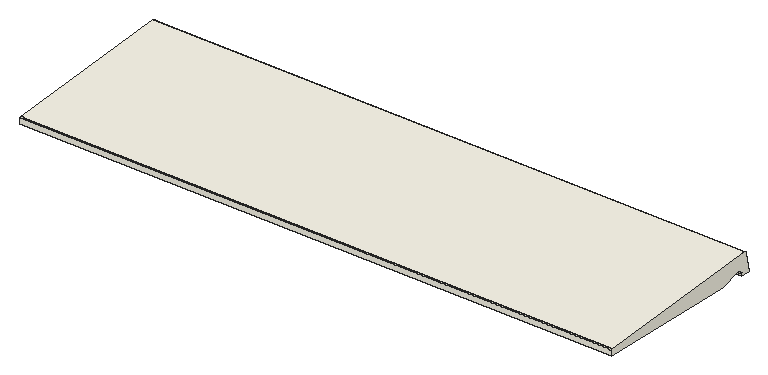
Revit family "Vierteaguas T.C-1", category Modelos genéricos, Revit 2020
Family settings
  Puede alojar armadura = No
  Cota de conector redondo = Diámetro de uso
  Tipo de pieza = Normal
  Se basa en plano de trabajo = No
  Siempre vertical = No
  Corte con vacíos al cargar = No
  Compartido = No
  Punto de cálculo de habitación = No
Parameters (values of type "T31")
  Descripción = "Pieza de hormigón polímero con anclajes de acero inoxidable"
  Ancho doble = Ancho / 4  # 77.5 mm
  Visible una linea = if(Ancho > 300 mm, 2 = 3, 2 = 2)  # no
  Visible dos líneas = if(Ancho > 300 mm, 2 = 2, 2 = 3)  # yes
  URL = "https://www.ulmaarchitectural.com/es-es"
  Nº filas anclajes [instance] = if(Longitud > 2600 mm, 6, if(Longitud < 660 mm, 2, Longitud / Dist. entre anclajes))  # 3
  Modelo = "Vierteaguas T31"
  Material = Hormigón polímero STONEO. Color C-1
  Longitud real [instance] = if(Longitud > 2600 mm, 2600 mm, if(Longitud < 500 mm, 500 mm, Longitud))  # 1200 mm
  Longitud [instance] = 1200 mm
  Fabricante = "ULMA Architectural Solutions"
  Elevación por defecto = 0 mm
  Dist. entre anclajes [instance] = if(Longitud < 650 mm, 340 mm, 440 mm)  # 440 mm
  Dist primer anclaje [instance] = if(Longitud < 700 mm, 80 mm, 150 mm)  # 150 mm
  Código de montaje = "T31"
  Ancho total = Ancho + 35 mm  # 345 mm
  Ancho = 310 mm
Types (9, lengths in mm): name | Ancho doble | Visible una linea | Visible dos líneas | Modelo | Código de montaje | Ancho total | Ancho
  (no name) | 77.5 | no | yes | "Vierteaguas T31" | "T31" | 345 | 310
  T20 | 50 | yes | no | "Vierteaguas T20" | "T20" | 235 | 200
  T22 | 55 | yes | no | "Vierteaguas T22" | "T22" | 255 | 220
  T24 | 60 | yes | no | "Vierteaguas T24" | "T24" | 275 | 240
  T26 | 65 | yes | no | "Vierteaguas T26" | "T26" | 295 | 260
  T28 | 70 | yes | no | "Vierteaguas T28" | "T28" | 315 | 280
  T31 | 77.5 | no | yes | "Vierteaguas T31" | "T31" | 345 | 310
  T34 | 85 | no | yes | "Vierteaguas L34" | "T34" | 375 | 340
  T46 | 115 | no | yes | "Vierteaguas T46" | "T46" | 495 | 460
Reference planes
  plane 1 "Centro (Frontal/Posterior)": y = 0
  plane 2: z = 0
  plane 3 "Centro (Izquierda/Derecha)": x = 0
  plane 4: y = -77.5
  plane 5: y = 77.5
Forms (mm)
  Extrusion 1, solid, material "Hormigón polímero STONEO. Color C-1" <- "Material"
    sketch origin (0, 0, 0) x (0, 1, 0) y (0, 0, 1)
      loop
        line (-172.5, 0) -> (107.761, 0) -> (142.13, 12.509)
        arc (142.13, 12.509) -> (150.55, 11.772) -> (155.398, 4.849) r 10
        line (155.398, 4.849) -> (156.253, 0) -> (172.5, 0) -> (165.727, 38.41)
        arc (165.727, 38.41) -> (164.965, 39.61) -> (163.597, 40) r 2
        line (163.597, 40) -> (-170.671, 12.157)
        arc (-170.671, 12.157) -> (-171.973, 11.517) -> (-172.5, 10.164) r 2
        line (-172.5, 10.164) -> (-172.5, 0)
    from 0 to 1200
Dimensions and locks
  "Longitud real": Extrusion 1 to Extrusion 1
  "Dist primer anclaje": Extrusion 1 to nested 1
  equal spacing: group 1, group 2, group 7  (x3)
  "Dist. entre anclajes": nested 1 to nested 2
  "Dist primer anclaje": plane 3 "Centro (Izquierda/Derecha)" to nested 3
  "Dist primer anclaje": plane 3 "Centro (Izquierda/Derecha)" to nested 4
  "Ancho doble": plane 1 "Centro (Frontal/Posterior)" to plane 4
  "Ancho doble": plane 1 "Centro (Frontal/Posterior)" to plane 5
  equal spacing: group 3, group 4, group 8  (x3)
  "Dist. entre anclajes": nested 4 to nested 5
  equal spacing: group 5, group 6, group 9  (x3)
  "Dist. entre anclajes": nested 3 to nested 6
  Extrusion 1 sketch curve to Extrusion 1 sketch curve = 12.157 mm
  equal spacing: Extrusion 1 sketch curve, plane 1 "Centro (Frontal/Posterior)", Extrusion 1 sketch curve
  "Ancho total": Extrusion 1 sketch curve to Extrusion 1 sketch curve
  Extrusion 1 sketch curve to Extrusion 1 sketch curve to Extrusion 1 sketch curve = 48.492 mm, 16.247 mm
  Extrusion 1 sketch curve to level = 40 mm
  radius of Extrusion 1 sketch curve = 2 mm  (x2)
  radius of Extrusion 1 sketch curve = 10 mm
  angle Extrusion 1 sketch curve to Extrusion 1 sketch curve = 100.00°
  aligned and locked: level to plane 2
  aligned and locked: Extrusion 1 sketch curve to level
  aligned and locked: plane 1 "Centro (Frontal/Posterior)" to nested 1
  aligned and locked: level to nested 2
  aligned and locked: level to nested 1
  aligned and locked: nested 4 to plane 4
  aligned and locked: nested 3 to plane 5
  aligned and locked: nested 5 to plane 4
  aligned and locked: nested 6 to plane 5
Automatic sketch dimensions
  Extrusion 1 sketch curve to level = 0 mm
  Extrusion 1 sketch curve to Extrusion 1 sketch curve = 0.171 mm  (x2)
  level to Extrusion 1 sketch curve = 12.509 mm
  Extrusion 1 sketch curve to Extrusion 1 sketch curve = 14.123 mm
  level to Extrusion 1 sketch curve = 4.849 mm
  Extrusion 1 sketch curve to Extrusion 1 sketch curve = 21.468 mm
  level to Extrusion 1 sketch curve = 38.41 mm
Nested families
  nested 1: "Anclaje imposta" at (150, 0, -2) x (0, -1, 0) z (0, 0, 1), visible <- "Visible una linea", type "Anclaje inoxidable estándar"
  nested 2: "Anclaje imposta" at (590, 0, -2) x (0, -1, 0) z (0, 0, 1), visible <- "Visible una linea", type "Anclaje inoxidable estándar"
  nested 3: "Anclaje imposta" at (150, 77.5, -2) x (0, -1, 0) z (0, 0, 1), visible <- "Visible dos líneas", type "Anclaje inoxidable estándar"
  nested 4: "Anclaje imposta" at (150, -77.5, -2) x (0, -1, 0) z (0, 0, 1), visible <- "Visible dos líneas", type "Anclaje inoxidable estándar"
  nested 5: "Anclaje imposta" at (590, -77.5, -2) x (0, -1, 0) z (0, 0, 1), visible <- "Visible dos líneas", type "Anclaje inoxidable estándar"
  nested 6: "Anclaje imposta" at (590, 77.5, -2) x (0, -1, 0) z (0, 0, 1), visible <- "Visible dos líneas", type "Anclaje inoxidable estándar"
  nested 7: "Anclaje imposta" at (1030, 0, -2) x (0, -1, 0) z (0, 0, 1), visible <- "Visible una linea", type "Anclaje inoxidable estándar"
  nested 8: "Anclaje imposta" at (1030, -77.5, -2) x (0, -1, 0) z (0, 0, 1), visible <- "Visible dos líneas", type "Anclaje inoxidable estándar"
  nested 9: "Anclaje imposta" at (1030, 77.5, -2) x (0, -1, 0) z (0, 0, 1), visible <- "Visible dos líneas", type "Anclaje inoxidable estándar"
Definition of nested family "Anclaje imposta"
  Parameters (values of type "Anclaje inoxidable estándar")
    URL = "https://www.ulmaarchitectural.com/es-es"
    Model = "Sujeción anclaje inoxidable estándar SPE"
    Material = none
    Manufacturer = "ULMA"
    Default Elevation = 0 mm
    Assembly Code = "901250015"
  Reference planes
    plane 1 "Centro (Frontal/Posterior)": y = 0
    plane 2: z = 0
    plane 3 "Centro (Izquierda/Derecha)": x = 0
  Dimensions and locks
    equal spacing: import instance, plane 3 "Centro (Izquierda/Derecha)", import instance
    aligned and locked: level to plane 2
